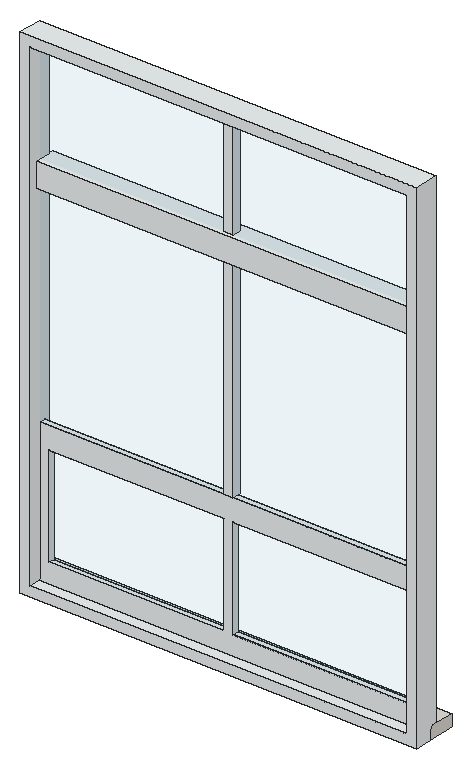
Revit family
Parameters (values of type "AW-9")
  Assembly Code = ""
  Height = 2100 mm
  기본 씰 높이 = 1000 mm
  Wall Closure = (empty or 0)
  Width = 1650 mm
Reference planes
  plane 1: y = 0
  plane 2 "중심(왼쪽/오른쪽)": x = 0
  plane 3 "좌측면": x = -825
  plane 4 "우측면": x = 825
  plane 5 "씰": z = 1000
  plane 6 "헤드": z = 3100
  plane 7 "외부": y = 75
  plane 8 "내부": y = -75
  plane 9 "중앙선": y = 0
  plane 10 "중앙오른쪽": x = 20
  plane 11 "중앙왼쪽": x = -20
  plane 12 "왼쪽 유리면": y = -10
  plane 13 "오른쪽유리면": y = 30
  plane 14: z = 2620
  plane 15: z = 2520
Forms (mm)
  Sweep 1, solid, material "창문틀"
    path origin (0, 0, 0) x (1, 0, 0) y (0, 0, 1)
      loop
        line (825, 3100) -> (-825, 3100) -> (-825, 1010) -> (825, 1010) -> (825, 3100)
    profile origin (0, 0, 3100) x (0, 0, -1) y (0, -1, 0)
      loop
        line (0, -25) -> (40, -25) -> (40, 75) -> (0, 75) -> (0, -25)
  Extrusion 2, solid, material "창문틀"
    sketch origin (0, -75, 0) x (1, 0, 0) y (0, 0, 1)
      loop
        line (-785, 2620) -> (-785, 2520) -> (785, 2520) -> (785, 2620) -> (-785, 2620)
    from -30 to -120
  Extrusion 3, solid, material "창문틀"
    sketch origin (0, -75, 0) x (1, 0, 0) y (0, 0, 1)
      loop
        line (-785, 1640) -> (-785, 1040) -> (785, 1040) -> (785, 1640) -> (-785, 1640)
      loop
        line (-745, 1550) -> (-745, 1130) -> (-20, 1130) -> (-20, 1550) -> (-745, 1550)
      loop
        line (745, 1130) -> (745, 1550) -> (20, 1550) -> (20, 1130) -> (745, 1130)
    from -50 to -75
  Extrusion 4, solid, material "유리"
    sketch origin (0, -75, 0) x (1, 0, 0) y (0, 0, 1)
      loop
        line (-785, 3060) -> (-785, 1640) -> (785, 1640) -> (785, 3060) -> (-785, 3060)
      loop
        line (-745, 1550) -> (-745, 1130) -> (745, 1130) -> (745, 1550) -> (-745, 1550)
    from -50 to -75
  Extrusion 5, solid, material "인방"
    sketch origin (0, 0, 0) x (-1, 0, 0) y (0, 0, 1)
      loop
        line (-825, 1060) -> (-825, 1010) -> (825, 1010) -> (825, 1060) -> (-825, 1060)
    from 0 to 104.545
  Extrusion 6, solid, material "창문틀"
    sketch origin (0, 45, 0) x (-1, 0, 0) y (0, 0, 1)
      loop
        line (-20, 3060) -> (-20, 1640) -> (20, 1640) -> (20, 3060) -> (-20, 3060)
    from -70 to -35
Lines and regions (mm)
  Opening 1
    outline origin (3500, -75, 0) x (1, 0, 0) y (0, 0, 1)
      loop
        line (-2675, 1000) -> (-2675, 3100) -> (-4325, 3100) -> (-4325, 1000) -> (-2675, 1000)
  symbolic lines, style "Windows"
    curve 1: line (-825, -75, 0) -> (-775, -75, 0)
    curve 2: line (-825, 25, 0) -> (-825, -75, 0)
    curve 3: line (-775, 25, 0) -> (-825, 25, 0)
    curve 4: line (-775, -75, 0) -> (-775, 25, 0)
    curve 5: line (825, -75, 0) -> (775, -75, 0)
    curve 6: line (825, 25, 0) -> (825, -75, 0)
    curve 7: line (775, 25, 0) -> (825, 25, 0)
    curve 8: line (775, -75, 0) -> (775, 25, 0)
    curve 9: line (-775, 25, 0) -> (775, 25, 0)
    curve 10: line (775, -75, 0) -> (-775, -75, 0)
    curve 11: line (775, -25, 0) -> (-775, -25, 0)
Text (mm)
  text "외부" at (-1963.203, 1332.353, 0), in view "참조 레벨"
  text "내부" at (-1981.466, -818.386, 0), in view "참조 레벨"
  text "외부" at (0, 923.751, 2943.296), in view "우측면"
  text "외부" at (0, 1040.484, 2685.409), in view "좌측면"
Dimensions and locks
  equal spacing: plane 3 "좌측면", plane 2 "중심(왼쪽/오른쪽)", plane 4 "우측면"
  "Width": plane 3 "좌측면" to plane 4 "우측면"
  "Height": plane 5 "씰" to plane 6 "헤드"
  "기본 씰 높이": plane 5 "씰" to level
  locked: plane 7 "외부" to host wall at 0
  locked: plane 8 "내부" to host wall
  curve 11 to Sweep 1 = 50 mm
  curve 3 to curve 1 = 100 mm
  locked: plane 7 "외부" to Extrusion 5 at 29.545
  aligned and locked: Sweep 1 sketch curve to plane 8 "내부"
  aligned and locked: Sweep 1 to Extrusion 6 sketch curve
Automatic sketch dimensions
  Opening 1 sketch curve to plane 3 "좌측면" = 0 mm
  Opening 1 sketch curve to plane 4 "우측면" = 0 mm
  Opening 1 sketch curve to plane 5 "씰" = 0 mm
  Opening 1 sketch curve to plane 6 "헤드" = 0 mm
  Sweep 1 sketch curve to profile plane = 0 mm
  Sweep 1 sketch curve to profile plane = 40 mm
  Extrusion 4 sketch curve to plane 3 "좌측면" = 40 mm
  Extrusion 4 sketch curve to plane 3 "좌측면" = 80 mm
  plane 4 "우측면" to Extrusion 4 sketch curve = 80 mm
  plane 4 "우측면" to Extrusion 4 sketch curve = 40 mm
  Extrusion 4 sketch curve to plane 5 "씰" = 130 mm
  Extrusion 4 sketch curve to Extrusion 4 sketch curve = 420 mm
  Extrusion 4 sketch curve to Extrusion 4 sketch curve = 90 mm
  plane 6 "헤드" to Extrusion 4 sketch curve = 40 mm
  Sweep 1 sketch curve to plane 9 "중앙선" = 25 mm
  curve 1 to host wall = 0 mm
  curve 1 to plane 3 "좌측면" = 0 mm
  curve 6 to plane 4 "우측면" = 0 mm
  curve 4 to plane 3 "좌측면" = 50 mm
  Extrusion 4 to Extrusion 5 sketch curve = 40 mm  (x2)
  Extrusion 4 to Extrusion 5 sketch curve = 120 mm
  Extrusion 5 sketch curve to Extrusion 5 sketch curve = 50 mm
  plane 4 "우측면" to curve 5 = 50 mm
  Sweep 1 sketch curve to plane 3 "좌측면" = 0 mm
  Sweep 1 sketch curve to plane 4 "우측면" = 0 mm
  Sweep 1 sketch curve to plane 5 "씰" = 10 mm
  Sweep 1 sketch curve to plane 6 "헤드" = 0 mm
  Extrusion 2 sketch curve to plane 15 = 0 mm
  Extrusion 2 sketch curve to plane 14 = 0 mm
  Extrusion 2 sketch curve to plane 3 "좌측면" = 40 mm
  plane 4 "우측면" to Extrusion 2 sketch curve = 40 mm
  Extrusion 3 sketch curve to plane 11 "중앙왼쪽" = 0 mm
  Extrusion 3 sketch curve to plane 10 "중앙오른쪽" = 0 mm
  Extrusion 3 sketch curve to plane 3 "좌측면" = 80 mm
  Extrusion 3 sketch curve to plane 3 "좌측면" = 40 mm
  plane 4 "우측면" to Extrusion 3 sketch curve = 80 mm
  plane 4 "우측면" to Extrusion 3 sketch curve = 40 mm
  Extrusion 3 sketch curve to plane 5 "씰" = 40 mm
  Extrusion 3 sketch curve to plane 5 "씰" = 130 mm
  Extrusion 3 sketch curve to Extrusion 3 sketch curve = 0 mm
  Extrusion 3 sketch curve to Extrusion 3 sketch curve = 420 mm  (x2)
  Extrusion 3 sketch curve to Extrusion 3 sketch curve = 90 mm
  Extrusion 6 sketch curve to Extrusion 2 = 765 mm
  Extrusion 6 sketch curve to Extrusion 6 sketch curve = 40 mm
  Extrusion 2 to Extrusion 6 sketch curve = 880 mm
